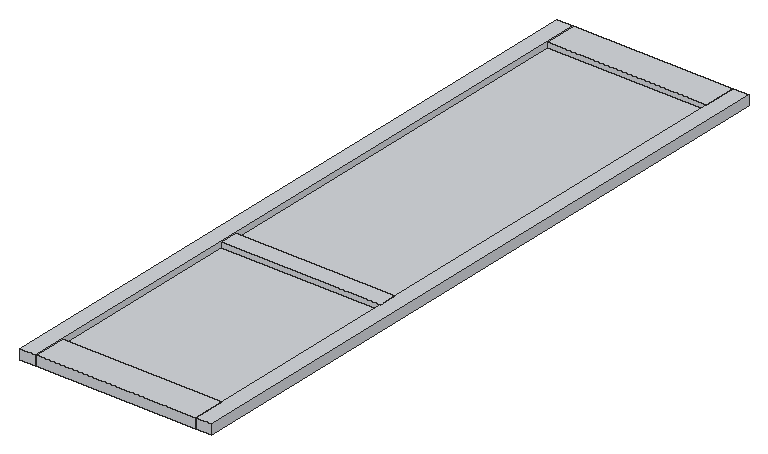
Revit family "Drop Panel", category Generic Models, Revit 2017
Family settings
  Can host rebar = No
  Round Connector Dimension = Use Diameter
  Part Type = Normal
  Work Plane-Based = Yes
  Always vertical = No
  Cut with Voids When Loaded = No
  Shared = No
  Room Calculation Point = No
Parameters
  URL = "www.newhorizonshutters.com"
  Type Comments = "****All shutter dimensions and configurations to be approved by NHSI****"
  Top Rail = 0' - 4"
  Shutter Width = 2' - 0"
  Shutter Thickness = 0' - 1 1/4"
  Shutter Height = 7' - 0"
  Model = "Drop Panel"
  Mid Rail 1 Height = 2' - 6"
  Mid Rail 1 = 0' - 2 1/4"
  Manufacturer = "New Horizon Shutters"
  Finish Color = none
  Default Elevation = 4' - 0"
  Bottom Rail = 0' - 4"
Reference planes (in)
  plane 1 "Center (Front/Back)": y = 0
  plane 2: z = 0
  plane 3 "Center (Left/Right)": x = 0
  plane 4: x = -12
  plane 5: x = 12
  plane 6: y = 84
  plane 7: y = 4
  plane 8: y = 80
  plane 9: z = 1.25
  plane 10: z = 0.625
  plane 11: x = -10
  plane 12: x = 10
  plane 13: y = 30
  plane 14: y = 31.125
  plane 15: y = 28.875
  plane 16: z = 1.14492
Forms (in)
  Extrusion 1, solid, material <- "Finish Color"
    sketch origin (0, 0, 0) x (1, 0, 0) y (0, 1, 0)
      loop
        line (-12, 84) -> (-12, 0) -> (-10, 0) -> (-10, 84) -> (-12, 84)
    from 0 to 1.25
  Extrusion 2, solid, material <- "Finish Color"
    sketch origin (0, 0, 0) x (-1, 0, 0) y (0, -1, 0)
      loop
        line (-12, -84) -> (-10, -84) -> (-10, 0) -> (-12, 0) -> (-12, -84)
    from 0 to 1.25
  Extrusion 3, solid, material <- "Finish Color"
    sketch origin (0, 0, 0) x (1, 0, 0) y (0, 1, 0)
      loop
        line (-10, 4) -> (-10, 0) -> (10, 0) -> (10, 4) -> (-10, 4)
    from 0 to 1.25
  Extrusion 4, solid, material <- "Finish Color"
    sketch origin (0, 0, 0) x (1, 0, 0) y (0, 1, 0)
      loop
        line (-10, 84) -> (-10, 80) -> (10, 80) -> (10, 84) -> (-10, 84)
    from 0 to 1.25
  Extrusion 5, solid, material <- "Finish Color"
    sketch origin (0, 0, 0) x (1, 0, 0) y (0, 1, 0)
      loop
        line (-10, 31.125) -> (-10, 28.875) -> (10, 28.875) -> (10, 31.125) -> (-10, 31.125)
    from 0 to 1.25
  Extrusion 6, solid, material <- "Finish Color"
    sketch origin (0, 0, 0) x (1, 0, 0) y (0, 1, 0)
      loop
        line (-10, 28.875) -> (-10, 4) -> (10, 4) -> (10, 28.875) -> (-10, 28.875)
      loop
        line (-10, 31.125) -> (10, 31.125) -> (10, 80) -> (-10, 80) -> (-10, 31.125)
    from 0 to 0.625
Dimensions and locks (in)
  equal spacing: plane 4, plane 3 "Center (Left/Right)", plane 5
  "Shutter Width": plane 4 to plane 5
  "Shutter Height": plane 1 "Center (Front/Back)" to plane 6
  "Top Rail": plane 6 to plane 8
  "Bottom Rail": plane 1 "Center (Front/Back)" to plane 7
  equal spacing: plane 9, plane 10, level
  "Shutter Thickness": plane 9 to level
  plane 1 "Center (Front/Back)" to Extrusion 1 = 7' - 0"
  locked: plane 4 to plane 11 at 2
  locked: plane 12 to plane 5 at 2
  "Mid Rail 1 Height": plane 1 "Center (Front/Back)" to plane 13
  equal spacing: plane 14, plane 13, plane 15
  "Mid Rail 1": plane 14 to plane 15
  aligned and locked: plane 2 to level
  aligned and locked: Extrusion 1 sketch curve to plane 6
  aligned and locked: plane 4 to Extrusion 1 sketch curve
  aligned and locked: Extrusion 1 sketch curve to plane 1 "Center (Front/Back)"
  aligned and locked: Extrusion 1 sketch curve to plane 11
  aligned and locked: Extrusion 1 to level
  aligned and locked: plane 9 to Extrusion 1
  aligned and locked: plane 12 to Extrusion 2 sketch curve
  aligned and locked: Extrusion 3 sketch curve to plane 7
  aligned and locked: plane 11 to Extrusion 3 sketch curve
  aligned and locked: Extrusion 3 sketch curve to Extrusion 2
  aligned and locked: Extrusion 2 to Extrusion 3 sketch curve
  aligned and locked: Extrusion 3 to level
  aligned and locked: plane 9 to Extrusion 3
  aligned and locked: Extrusion 4 sketch curve to Extrusion 1
  aligned and locked: plane 11 to Extrusion 4 sketch curve
  aligned and locked: plane 8 to Extrusion 4 sketch curve
  aligned and locked: plane 12 to Extrusion 4 sketch curve
  aligned and locked: Extrusion 4 to level
  aligned and locked: plane 9 to Extrusion 4
  aligned and locked: Extrusion 2 to level
  aligned and locked: plane 9 to Extrusion 2
  aligned and locked: Extrusion 5 sketch curve to plane 14
  aligned and locked: plane 11 to Extrusion 5 sketch curve
  aligned and locked: plane 15 to Extrusion 5 sketch curve
  aligned and locked: plane 12 to Extrusion 5 sketch curve
  aligned and locked: Extrusion 5 to level
  aligned and locked: plane 9 to Extrusion 5
  aligned and locked: Extrusion 6 sketch curve to Extrusion 5  (x4)
  aligned and locked: Extrusion 6 sketch curve to Extrusion 3  (x2)
  aligned and locked: Extrusion 6 sketch curve to Extrusion 4  (x2)
  aligned and locked: Extrusion 6 to level
  aligned and locked: plane 10 to Extrusion 6
Automatic sketch dimensions
  plane 1 "Center (Front/Back)" to Extrusion 2 sketch curve = 0' - 0"
  Extrusion 2 sketch curve to plane 5 = 0' - 0"
  Extrusion 2 sketch curve to plane 6 = 0' - 0"
